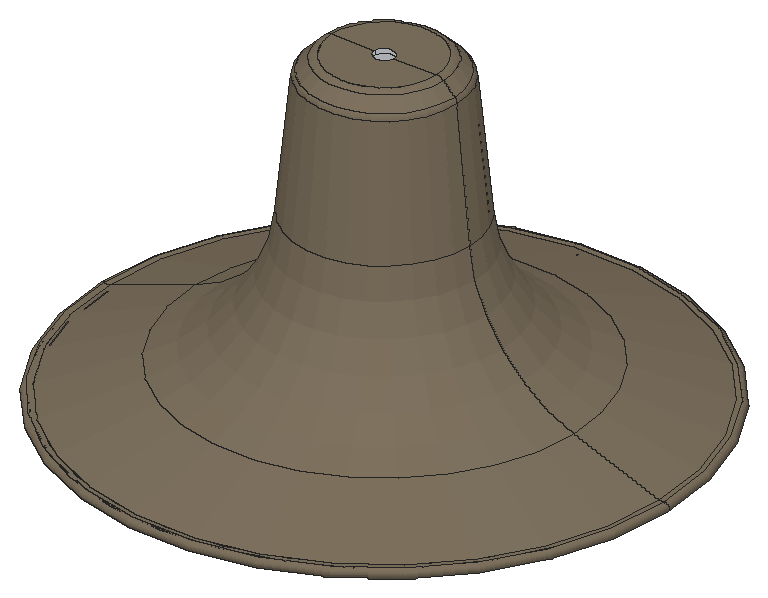
Revit family "HV14 SHADE", category Lighting Fixtures, Revit 2024
Family settings
  Round Connector Dimension = Use Diameter
  Part Type = Normal
  OmniClass Number = 23.80.70.00
  OmniClass Title = Lighting
  Work Plane-Based = No
  Always vertical = Yes
  Cut with Voids When Loaded = No
  Light Source = Yes
  Maintain Annotation Orientation = No
  Shared = No
  Room Calculation Point = No
Parameters
  Wattage = 12.1178 W
  built-in parameter 1150110 = 1 (stored number, unit not read)
  built-in parameter 1114217 = 1 (stored number, unit not read)
  built-in parameter 1150109 = 1 (stored number, unit not read)
  built-in parameter 1150134 = (empty or 0)
  built-in parameter 1150113 = 1 (stored number, unit not read)
  Lumens = 1800 lm
  built-in parameter 1150115 = 1 (stored number, unit not read)
  built-in parameter 1150105 = 572.96 (stored number, unit not read)
  Light Source Symbol Size = 2' - 0"
  built-in parameter 1150137 = (empty or 0)
  built-in parameter 1150139 = (empty or 0)
  built-in parameter 1150112 = 1 (stored number, unit not read)
  built-in parameter 1150114 = 1 (stored number, unit not read)
  built-in parameter 1150132 = 2
  built-in parameter 1150102 = (empty or 0)
  built-in parameter 1150138 = (empty or 0)
  built-in parameter 1150107 = 3000 (stored number, unit not read)
  built-in parameter 1150106 = 5.7296 (stored number, unit not read)
  built-in parameter 1150104 = 13.8 (stored number, unit not read)
  Dimming Lamp Color Temperature Shift = (empty or 0)
  Default Elevation = 0' - 0"
  Color Filter = 16777215
  built-in parameter 1114218 = 1 (stored number, unit not read)
  built-in parameter 1150133 = 10 (stored number, unit not read)
Reference planes (in)
  plane 1 "Light Source Axis (F/B)": y = 0
  plane 2: z = 0
  plane 3 "Light Source Axis (L/R)": x = 0
  plane 4 "Light Source Elevation": z = 54
Forms (in)
  Revolve 1, solid
    sketch origin (0, 0, 0) x (1, 0, 0) y (0, 0, 1)
      loop
        line (-7.08448, 54.13625) -> (-7.04682, 54.13625) -> (-4.83734, 54.89652)
        arc (-4.83734, 54.89652) -> (-2.96142, 56.22427) -> (-2.09656, 58.3536) r 4.09375
        line (-2.09656, 58.3536) -> (-1.77628, 61.50505)
        arc (-1.77628, 61.50505) -> (-1.7641, 61.54752) -> (-1.73789, 61.58308) r 0.12479
        line (-1.73789, 61.58308) -> (-1.46049, 61.86049)
        arc (-1.46049, 61.86049) -> (-1.40815, 61.89504) -> (-1.34646, 61.90625) r 0.15638
        line (-1.34646, 61.90625) -> (-0.25, 61.90625) -> (-0.25, 62) -> (-1.34554, 62)
        arc (-1.34554, 62) -> (-1.44361, 61.98182) -> (-1.52678, 61.92678) r 0.25013
        line (-1.52678, 61.92678) -> (-1.80339, 61.65016)
        arc (-1.80339, 61.65016) -> (-1.84855, 61.58823) -> (-1.86955, 61.51453) r 0.21854
        line (-1.86955, 61.51453) -> (-2.18983, 58.36308)
        arc (-2.18983, 58.36308) -> (-3.03488, 56.28251) -> (-4.86785, 54.98517) r 4
        line (-4.86785, 54.98517) -> (-7.0625, 54.23) -> (-7.1975, 54.23)
        arc (-7.1975, 54.23) -> (-7.27092, 54.02649) -> (-7.08448, 54.13625) r 0.115
      axis (0, 62) -> (0, 54.13625)
    angle from 0 to 360
Dimensions and locks (in)
  aligned and locked: plane 3 "Light Source Axis (L/R)" to imposter light
  aligned and locked: plane 1 "Light Source Axis (F/B)" to imposter light
  aligned and locked: plane 4 "Light Source Elevation" to imposter light
  aligned and locked: level to plane 2
